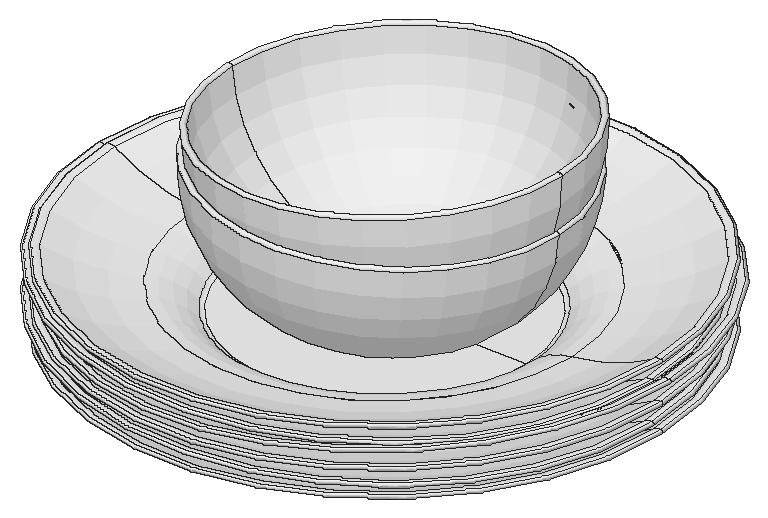
Revit family "33 Blks_Coz_Louças", category Modelos genéricos, Revit 2019
Family settings
  Pode hospedar o vergalhão = Não
  Cota do conector redondo = Utilizar diâmetro
  Tipo de parte = Normal
  Com base no plano de trabalho = Sim
  Sempre na vertical = Não
  Corte com vazios quando carregada = Não
  Compartilhado = Sim
  Ponto de cálculo do ambiente = Não
Parameters (values of type "Único")
  data = ""
  Pratos [instance] = yes
  Default Elevation = 121.92 cm
  Created By / Criado Por / Creado por = "Blocks Revit"  # constant formula
  Prato = Blks - Porcelain - White
  Bowls [instance] = yes
  Tigela = Blks - Porcelain - White
  Author URL = "https://www.blocksrevit.com/"
  Author Contact = "contato@blocksrevit.com"  # constant formula
Reference planes (cm)
  plane 1 "Center (Front/Back)": y = 0
  plane 2: z = 0
  plane 3 "Center (Left/Right)": x = 0
Forms (cm)
  Revolve 1, solid, material "Blks - Porcelain - White" <- "Prato", visible <- "Pratos"
    sketch origin (0, 0, 0) x (1, 0, 0) y (0, 0, 1)
      loop
        line (0, 0.25) -> (-6.2929, 0.25)
        arc (-6.2929, 0.25) -> (-6.394, 0.2714) -> (-6.4806, 0.3293) r 0.25
        arc (-6.4806, 0.3293) -> (-7.3489, 0.9895) -> (-8.3958, 1.2955) r 3
        arc (-8.3958, 1.2955) -> (-10.2724, 1.6963) -> (-12.0181, 2.4929) r 8.8333
        arc (-12.0181, 2.4929) -> (-12.1694, 2.5522) -> (-12.3317, 2.5599) r 0.5
        arc (-12.3317, 2.5599) -> (-12.4005, 2.4983) -> (-12.3653, 2.4129) r 0.08
        arc (-12.3653, 2.4129) -> (-10.4728, 1.5002) -> (-8.4212, 1.0468) r 9.0833
        arc (-8.4212, 1.0468) -> (-7.5201, 0.795) -> (-6.7556, 0.2556) r 2.75
        line (-6.7556, 0.2556) -> (-6.6464, 0.1464)
        arc (-6.6464, 0.1464) -> (-6.4842, 0.0381) -> (-6.2929, 0) r 0.5
        line (-6.2929, 0) -> (0, 0) -> (0, 0.25)
      axis (0, 0) -> (0, 2.5599)
    angle from 0 to 360
  Revolve 2, solid, material "Blks - Porcelain - White" <- "Prato", visible <- "Pratos"
    sketch origin (-0.4699, 0, 0.6027) x (0.99941, 0, -0.034336) y (0.034336, 0, 0.99941)
      loop
        line (0, 0.25) -> (-6.2929, 0.25)
        arc (-6.2929, 0.25) -> (-6.394, 0.2714) -> (-6.4806, 0.3293) r 0.25
        arc (-6.4806, 0.3293) -> (-7.3489, 0.9895) -> (-8.3958, 1.2955) r 3
        arc (-8.3958, 1.2955) -> (-10.2724, 1.6963) -> (-12.0181, 2.4929) r 8.8333
        arc (-12.0181, 2.4929) -> (-12.1694, 2.5522) -> (-12.3317, 2.5599) r 0.5
        arc (-12.3317, 2.5599) -> (-12.4005, 2.4983) -> (-12.3653, 2.4129) r 0.08
        arc (-12.3653, 2.4129) -> (-10.4728, 1.5002) -> (-8.4212, 1.0468) r 9.0833
        arc (-8.4212, 1.0468) -> (-7.5201, 0.795) -> (-6.7556, 0.2556) r 2.75
        line (-6.7556, 0.2556) -> (-6.6464, 0.1464)
        arc (-6.6464, 0.1464) -> (-6.4842, 0.0381) -> (-6.2929, 0) r 0.5
        line (-6.2929, 0) -> (0, 0) -> (0, 0.25)
      axis (0, 0) -> (0, 2.5599)
    angle from 0 to 360
  Revolve 3, solid, material "Blks - Porcelain - White" <- "Prato", visible <- "Pratos"
    sketch origin (0, 0, 1.125) x (-1, 0, 0) y (0, 0, -1)
      loop
        line (0, -0.25) -> (0, 0) -> (-6.2929, 0)
        arc (-6.2929, 0) -> (-6.4842, -0.0381) -> (-6.6464, -0.1464) r 0.5
        line (-6.6464, -0.1464) -> (-6.7556, -0.2556)
        arc (-6.7556, -0.2556) -> (-7.5201, -0.795) -> (-8.4212, -1.0468) r 2.75
        arc (-8.4212, -1.0468) -> (-10.4728, -1.5002) -> (-12.3653, -2.4129) r 9.0833
        arc (-12.3653, -2.4129) -> (-12.4005, -2.4983) -> (-12.3317, -2.5599) r 0.08
        arc (-12.3317, -2.5599) -> (-12.1694, -2.5522) -> (-12.0181, -2.4929) r 0.5
        arc (-12.0181, -2.4929) -> (-10.2724, -1.6963) -> (-8.3958, -1.2955) r 8.8333
        arc (-8.3958, -1.2955) -> (-7.3489, -0.9895) -> (-6.4806, -0.3293) r 3
        arc (-6.4806, -0.3293) -> (-6.394, -0.2714) -> (-6.2929, -0.25) r 0.25
        line (-6.2929, -0.25) -> (0, -0.25)
      axis (0, 0) -> (0, -2.5599)
    angle from 0 to 360
  Revolve 4, solid, material "Blks - Porcelain - White" <- "Prato", visible <- "Pratos"
    sketch origin (0.4699, 0, 1.7277) x (-0.99941, 0, -0.034336) y (0.034336, 0, -0.99941)
      loop
        line (0, -0.25) -> (0, 0) -> (-6.2929, 0)
        arc (-6.2929, 0) -> (-6.4842, -0.0381) -> (-6.6464, -0.1464) r 0.5
        line (-6.6464, -0.1464) -> (-6.7556, -0.2556)
        arc (-6.7556, -0.2556) -> (-7.5201, -0.795) -> (-8.4212, -1.0468) r 2.75
        arc (-8.4212, -1.0468) -> (-10.4728, -1.5002) -> (-12.3653, -2.4129) r 9.0833
        arc (-12.3653, -2.4129) -> (-12.4005, -2.4983) -> (-12.3317, -2.5599) r 0.08
        arc (-12.3317, -2.5599) -> (-12.1694, -2.5522) -> (-12.0181, -2.4929) r 0.5
        arc (-12.0181, -2.4929) -> (-10.2724, -1.6963) -> (-8.3958, -1.2955) r 8.8333
        arc (-8.3958, -1.2955) -> (-7.3489, -0.9895) -> (-6.4806, -0.3293) r 3
        arc (-6.4806, -0.3293) -> (-6.394, -0.2714) -> (-6.2929, -0.25) r 0.25
        line (-6.2929, -0.25) -> (0, -0.25)
      axis (0, 0) -> (0, -2.5599)
    angle from 0 to 360
  Revolve 5, solid, material "Blks - Porcelain - White" <- "Prato", visible <- "Pratos"
    sketch origin (-0.4699, 0, 2.2902) x (0.99941, 0, -0.034336) y (0.034336, 0, 0.99941)
      loop
        line (0, 0.25) -> (-6.2929, 0.25)
        arc (-6.2929, 0.25) -> (-6.394, 0.2714) -> (-6.4806, 0.3293) r 0.25
        arc (-6.4806, 0.3293) -> (-7.3489, 0.9895) -> (-8.3958, 1.2955) r 3
        arc (-8.3958, 1.2955) -> (-10.2724, 1.6963) -> (-12.0181, 2.4929) r 8.8333
        arc (-12.0181, 2.4929) -> (-12.1694, 2.5522) -> (-12.3317, 2.5599) r 0.5
        arc (-12.3317, 2.5599) -> (-12.4005, 2.4983) -> (-12.3653, 2.4129) r 0.08
        arc (-12.3653, 2.4129) -> (-10.4728, 1.5002) -> (-8.4212, 1.0468) r 9.0833
        arc (-8.4212, 1.0468) -> (-7.5201, 0.795) -> (-6.7556, 0.2556) r 2.75
        line (-6.7556, 0.2556) -> (-6.6464, 0.1464)
        arc (-6.6464, 0.1464) -> (-6.4842, 0.0381) -> (-6.2929, 0) r 0.5
        line (-6.2929, 0) -> (0, 0) -> (0, 0.25)
      axis (0, 0) -> (0, 2.5599)
    angle from 0 to 360
  Revolve 6, solid, material "Blks - Porcelain - White" <- "Prato", visible <- "Pratos"
    sketch origin (0, 0, 2.8125) x (1, 0, 0) y (0, 0, 1)
      loop
        line (0, 0.25) -> (-6.2929, 0.25)
        arc (-6.2929, 0.25) -> (-6.394, 0.2714) -> (-6.4806, 0.3293) r 0.25
        arc (-6.4806, 0.3293) -> (-7.3489, 0.9895) -> (-8.3958, 1.2955) r 3
        arc (-8.3958, 1.2955) -> (-10.2724, 1.6963) -> (-12.0181, 2.4929) r 8.8333
        arc (-12.0181, 2.4929) -> (-12.1694, 2.5522) -> (-12.3317, 2.5599) r 0.5
        arc (-12.3317, 2.5599) -> (-12.4005, 2.4983) -> (-12.3653, 2.4129) r 0.08
        arc (-12.3653, 2.4129) -> (-10.4728, 1.5002) -> (-8.4212, 1.0468) r 9.0833
        arc (-8.4212, 1.0468) -> (-7.5201, 0.795) -> (-6.7556, 0.2556) r 2.75
        line (-6.7556, 0.2556) -> (-6.6464, 0.1464)
        arc (-6.6464, 0.1464) -> (-6.4842, 0.0381) -> (-6.2929, 0) r 0.5
        line (-6.2929, 0) -> (0, 0) -> (0, 0.25)
      axis (0, 0) -> (0, 2.5599)
    angle from 0 to 360
  Revolve 7, solid, material "Blks - Porcelain - White" <- "Tigela", visible <- "Bowls"
    sketch origin (-31.4013, 0, 4.7538) x (0.99863, 0, -0.052336) y (0.052336, 0, 0.99863)
      loop
        line (31.4402, 0) -> (34.4402, 0)
        arc (34.4402, 0) -> (37.6902, 2.25) -> (38.9402, 6) r 6.25
        arc (38.9402, 6) -> (38.8152, 6.125) -> (38.6902, 6) r 0.125
        arc (38.6902, 6) -> (37.5008, 2.4142) -> (34.4042, 0.25) r 6
        line (34.4042, 0.25) -> (31.4402, 0.25) -> (31.4402, 0)
      axis (31.4402, 0) -> (31.4402, 6)
    angle from 0 to 360
  Revolve 8, solid, material "Blks - Porcelain - White" <- "Tigela", visible <- "Bowls"
    sketch origin (32.1513, 0, 6.3788) x (-0.99863, 0, -0.052336) y (0.052336, 0, -0.99863)
      loop
        line (31.4402, 0) -> (31.4402, -0.25) -> (34.4042, -0.25)
        arc (34.4042, -0.25) -> (37.5008, -2.4142) -> (38.6902, -6) r 6
        arc (38.6902, -6) -> (38.8152, -6.125) -> (38.9402, -6) r 0.125
        arc (38.9402, -6) -> (37.6902, -2.25) -> (34.4402, 0) r 6.25
        line (34.4402, 0) -> (31.4402, 0)
      axis (31.4402, 0) -> (31.4402, -6)
    angle from 0 to 360
Dimensions and locks (cm)
  aligned and locked: level to plane 2
